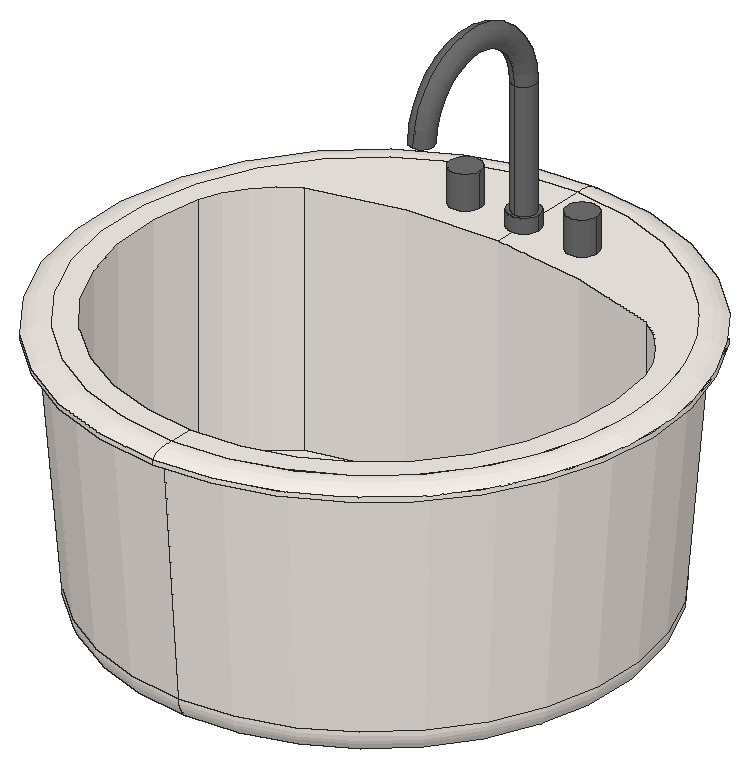
Revit family
Parameters
  Lavabo = Porcelaine - Lin
  Robinet = Métal - Acier, Poli
  Plan de travail = 750.00 mm
Reference planes
  plane 1: z = 0
  plane 2 "Centre (gauche/droite)": x = 96.652
  plane 3: z = 750
  plane 4: z = 759.525
  plane 5: x = -144.648
  plane 6: x = 337.952
  plane 7: y = 85.168
  plane 8: y = 326.468
  plane 9: y = -156.132
  plane 10: y = 136.253
  plane 11 "froid": x = 147.452
  plane 12 "chaud": x = 45.852
  plane 13: y = 247.093
  plane 14 "Extrusion par chemin": x = 96.652
  plane 15: y = 247.093
  plane 16: z = 788.1
  plane 17: z = 534.1
  plane 18: z = 771.76
Forms (mm)
  Revolve 1, solid, material "Porcelaine - Lin" <- "Lavabo"
    sketch origin (96.652, 0, 0) x (0, 1, 0) y (0, 0, 1)
      loop
        line (326.468, 750) -> (326.468, 753.969)
        arc (326.468, 753.969) -> (316.651, 758.824) -> (305.722, 759.525) r 27.884
        line (305.722, 759.525) -> (85.168, 759.525) -> (85.168, 534.1) -> (277.462, 534.1)
        arc (277.462, 534.1) -> (292.221, 540.344) -> (298.018, 555.284) r 20.566
        line (298.018, 555.284) -> (314.561, 750) -> (326.468, 750)
      axis (85.168, 759.525) -> (85.168, 534.1)
    angle from 0 to 360
  Extrusion 2, solid
    sketch origin (0, 0, 0) x (1, 0, 0) y (0, 1, 0)
      loop
        circle (96.652, 85.168) r 20.637
    from 555.374 to 534.1
  Extrusion 3, solid, material "Métal - Acier, Poli" <- "Robinet"
    sketch origin (0, 0, 0) x (1, 0, 0) y (0, 1, 0)
      loop
        circle (147.452, 247.093) r 12.7
    from 788.1 to 759.525
  Extrusion 4, solid, material "Métal - Acier, Poli" <- "Robinet"
    sketch origin (-101.6, 0, 0) x (1, 0, 0) y (0, 1, 0)
      loop
        circle (147.452, 247.093) r 12.7
    from 788.1 to 759.525
  Extrusion 5, solid, material "Métal - Acier, Poli" <- "Robinet"
    sketch origin (-50.8, 0, 0) x (1, 0, 0) y (0, 1, 0)
      loop
        circle (147.452, 247.093) r 12.7
    from 759.525 to 771.76
  Sweep 6, solid, material "Métal - Acier, Poli" <- "Robinet"
    path origin (96.652, 0, 0) x (0, -1, 0) y (0, 0, 1)
      loop
        line (-247.093, 759.525) -> (-247.093, 872.238)
        arc (-247.093, 872.238) -> (-191.673, 927.658) -> (-136.253, 872.238) r 55.42
    profile origin (96.652, 0, 815.881) x (0, 1, 0) y (-1, 0, 0)
      loop
        circle (247.093, 0) r 9.525
  Extrusion 7, void
    sketch origin (0, 0, 0) x (1, 0, 0) y (0, 1, 0)
      loop
        arc (-52.153, 194.086) -> (-80.443, 169.371) -> (-98.17, 136.253) r 104.55
        arc (-98.17, 136.253) -> (96.652, -116.241) -> (291.474, 136.253) r 201.408
        arc (291.474, 136.253) -> (273.746, 169.371) -> (245.457, 194.086) r 104.55
        arc (245.457, 194.086) -> (96.652, 219.266) -> (-52.153, 194.086) r 452.283
    from 759.525 to 555.374
Cuts and joins
  Extrusion 7 cuts Revolve 1
  Extrusion 7 cuts Extrusion 2
  Extrusion 7 cuts Extrusion 3
  Extrusion 7 cuts Extrusion 4
  Extrusion 7 cuts Extrusion 5
  Extrusion 7 cuts Sweep 6
Lines and regions (mm)
  Masking region 1
    outline origin (0, 0, 0) x (1, 0, 0) y (0, 1, 0)
      loop
        circle (96.652, 85.168) r 241.3
  symbolic lines
    curve 1: arc (117.289, 85.168, 0) -> (96.652, 105.805, 0) -> (76.014, 85.168, 0) r 20.637
    curve 2: arc (76.014, 85.168, 0) -> (96.652, 64.53, 0) -> (117.289, 85.168, 0) r 20.637
    curve 3: arc (160.152, 247.093, 0) -> (147.452, 259.793, 0) -> (134.752, 247.093, 0) r 12.7
    curve 4: arc (134.752, 247.093, 0) -> (147.452, 234.393, 0) -> (160.152, 247.093, 0) r 12.7
    curve 5: arc (106.177, 247.093, 0) -> (96.652, 256.618, 0) -> (87.127, 247.093, 0) r 9.525
    curve 6: arc (58.552, 247.093, 0) -> (45.852, 259.793, 0) -> (33.152, 247.093, 0) r 12.7
    curve 7: arc (33.152, 247.093, 0) -> (45.852, 234.393, 0) -> (58.552, 247.093, 0) r 12.7
    curve 8: arc (-98.17, 136.253, 0) -> (96.652, -116.241, 0) -> (291.474, 136.253, 0) r 201.408
    curve 9: arc (-98.17, 136.253, 0) -> (-80.443, 169.371, 0) -> (-52.153, 194.086, 0) r 104.55
    curve 10: arc (291.474, 136.253, 0) -> (273.746, 169.371, 0) -> (245.457, 194.086, 0) r 104.55
    curve 11: arc (-52.153, 194.086, 0) -> (16.5, 212.107, 0) -> (87.127, 219.166, 0) r 452.283
    curve 12: line (87.127, 247.093, 0) -> (87.127, 136.253, 0)
    curve 13: line (106.177, 247.093, 0) -> (106.177, 136.253, 0)
    curve 14: arc (87.127, 136.253, 0) -> (96.652, 126.728, 0) -> (106.177, 136.253, 0) r 9.525
    curve 15: arc (106.177, 219.166, 0) -> (176.804, 212.107, 0) -> (245.457, 194.086, 0) r 452.283
Dimensions and locks
  locked: plane 4 to plane 3 at 9.525
  locked: plane 5 to plane 2 "Centre (gauche/droite)" at 241.3
  locked: plane 2 "Centre (gauche/droite)" to plane 6 at 241.3
  plane 7 to plane 8 = 241.30 mm
  plane 9 to plane 7 = 241.30 mm
  plane 1 to plane 3 = 750.00 mm
  locked: plane 12 "chaud" to plane 2 "Centre (gauche/droite)" at 50.8
  locked: plane 2 "Centre (gauche/droite)" to plane 11 "froid" at 50.8
  locked: plane 13 to plane 8 at 79.375
  "Plan de travail": plane 3 to plane 1
  locked: plane 16 to plane 3 at 38.1
  locked: plane 3 to plane 17 at 215.9
  aligned and locked: plane 16 to Extrusion 3
  aligned and locked: plane 4 to Extrusion 3
  aligned and locked: Extrusion 3 to Extrusion 4
  aligned and locked: plane 4 to Extrusion 4
  aligned and locked: Revolve 1 sketch curve to plane 17
  aligned and locked: Extrusion 7 to plane 4
  aligned and locked: plane 17 to Extrusion 2
  aligned and locked: Extrusion 5 to plane 18
  aligned and locked: plane 4 to Extrusion 5
  aligned and locked: Masking region 1 sketch curve to cut or joined group of Revolve 1, Extrusion 7  (x2)
Automatic sketch dimensions
  Extrusion 2 sketch curve to plane 7 = 0.00 mm
  Extrusion 2 sketch curve to plane 2 "Centre (gauche/droite)" = 0.00 mm
  Extrusion 2 sketch curve to plane 2 "Centre (gauche/droite)" = 20.637 mm
  Extrusion 3 sketch curve to plane 13 = 0.00 mm
  Extrusion 3 sketch curve to plane 11 "froid" = 0.00 mm
  Extrusion 3 sketch curve to Extrusion 3 sketch curve = 12.70 mm
  Extrusion 4 sketch curve to Extrusion 4 sketch curve = 12.70 mm
  Extrusion 4 sketch curve to plane 13 = 0.00 mm
  Extrusion 4 sketch curve to plane 11 "froid" = 101.60 mm
  Extrusion 5 sketch curve to Extrusion 5 sketch curve = 12.70 mm
  Extrusion 5 sketch curve to plane 13 = 0.00 mm
  Extrusion 5 sketch curve to plane 11 "froid" = 50.80 mm
  Sweep 6 sketch curve to plane 13 = 0.00 mm
  Sweep 6 sketch curve to plane 10 = 0.00 mm
  Sweep 6 sketch curve to plane 4 = 0.00 mm
  Sweep 6 sketch curve to plane 3 = 122.238 mm
  Sweep 6 sketch curve to plane 14 "Extrusion par chemin" = 0.00 mm
  Sweep 6 sketch curve to profile plane = 0.00 mm
  profile plane to Sweep 6 sketch curve = 9.525 mm
  Revolve 1 sketch curve to plane 7 = 0.00 mm  (x2)
  Revolve 1 sketch curve to level = 0.00 mm
  Revolve 1 sketch curve to plane 4 = 0.00 mm  (x2)
  Revolve 1 sketch curve to plane 3 = 0.00 mm
  Revolve 1 sketch curve to plane 8 = 0.00 mm
  plane 8 to Revolve 1 sketch curve = 49.006 mm
  Revolve 1 sketch curve to Revolve 1 sketch curve = 20.556 mm
  plane 8 to Revolve 1 sketch curve = 20.745 mm
  Revolve 1 sketch curve to Revolve 1 sketch curve = 17.03 mm
  plane 8 to Revolve 1 sketch curve = 11.906 mm
  Revolve 1 sketch curve to Revolve 1 sketch curve = 20.566 mm
  Revolve 1 sketch curve to Revolve 1 sketch curve = 18.111 mm
  Extrusion 7 sketch curve to plane 10 = 0.00 mm  (x2)
  Extrusion 7 sketch curve to plane 2 "Centre (gauche/droite)" = 0.00 mm  (x2)
  Extrusion 7 sketch curve to plane 7 = 0.00 mm
  Extrusion 7 sketch curve to plane 7 = 19.108 mm  (x2)
  Extrusion 7 sketch curve to plane 2 "Centre (gauche/droite)" = 95.283 mm
  Extrusion 7 sketch curve to Extrusion 7 sketch curve = 53.522 mm
  Extrusion 7 sketch curve to Extrusion 7 sketch curve = 46.017 mm
  plane 2 "Centre (gauche/droite)" to Extrusion 7 sketch curve = 95.283 mm
  plane 9 to Extrusion 7 sketch curve = 76.885 mm
  curve 8 to plane 10 = 0.00 mm
  curve 7 to plane 13 = 0.00 mm
  curve 7 to plane 12 "chaud" = 0.00 mm
  curve 1 to plane 7 = 0.00 mm
  curve 12 to plane 13 = 0.00 mm
  curve 14 to plane 10 = 0.00 mm
  curve 14 to plane 2 "Centre (gauche/droite)" = 0.00 mm
  curve 11 to plane 2 "Centre (gauche/droite)" = 0.00 mm
  curve 2 to plane 2 "Centre (gauche/droite)" = 0.00 mm
  curve 8 to plane 2 "Centre (gauche/droite)" = 0.00 mm
  curve 15 to plane 2 "Centre (gauche/droite)" = 0.00 mm
  curve 4 to plane 13 = 0.00 mm
  curve 4 to plane 11 "froid" = 0.00 mm
  curve 10 to plane 10 = 0.00 mm
  curve 8 to plane 7 = 0.00 mm
  curve 8 to plane 5 = 46.478 mm
  curve 9 to plane 10 = 57.834 mm
  curve 8 to curve 9 = 46.017 mm
  curve 9 to plane 7 = 19.108 mm
  curve 7 to curve 6 = 12.70 mm
  curve 1 to plane 2 "Centre (gauche/droite)" = 20.637 mm
  curve 12 to plane 2 "Centre (gauche/droite)" = 9.525 mm
  curve 4 to curve 3 = 12.70 mm
  curve 10 to plane 7 = 19.108 mm
  curve 1 to curve 10 = 74.645 mm
  curve 15 to curve 8 = 46.017 mm
  plane 9 to curve 15 = 76.885 mm
  curve 11 to curve 15 = 0.00 mm
